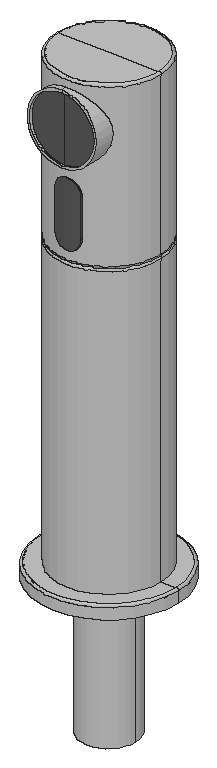
Revit family "Plumbing-Fix_Faucet-Touchless_Stern_Tubular-T", category Plumbing Fixtures, host Face, Revit 2026
Family settings
  Host = Face
  Round Connector Dimension = Use Diameter
  Part Type = Normal
  Classification Number = 23.45.55.14
  Enable Cutting in Views = No
  Cut with Voids When Loaded = No
  Maintain Annotation Orientation = No
  Shared = No
  Room Calculation Point = No
Parameters (values of type "Battery Pack 1.58 GPM")
  Waste Connection = no
  Warranty Duration (Years) = 2
  WFU = 0
  Vent Connection = no
  Unit Width = 0' - 2"
  Unit Height = 0' - 0"
  URL = "http://www.sternfaucets.com/"
  Type Comments = "as Specified"
  Standards Conformance = "as Specified"
  Spout Reach = 0' - 0"
  Spout Height = 0' - 2 1/4"
  Specification = ""
  SpecWizard = ""
  Sales Information = "http://www.sternfaucets.com/contact-us/contact-us-int-l.html"
  Revision = "R1_2018-04"
  Product Properties = ""
  Product Features = "as Specified"
  Product Data = "http://www.arcat.com/arcatcos/cos50/arc50092.html"
  Power Supply = "9V Battery"
  Piping_Inlet Diameter = 1/2"
  Piping_Flow = 0 GPM
  Operating Temperature Range = "Up to 149 F / 65 C"
  Operating Pressure Range = "7.26 - 116 PSI  ;  0.5 - 8 bar"
  Model = "Tubular TB"
  Manufacturer Website = "http://www.sternfaucets.com/"
  Manufacturer Phone - Toll Free = "800-436-4410"
  Manufacturer Phone = ""
  Manufacturer Fax = ""
  Manufacturer Address = "777 Passaic Ave.  Clifton, NJ 07012"
  Manufacturer = "Stern Engineering"
  Maintenance Schedule (Months) = 0
  Keynote = "22 40 00"
  Installation Phase = ""
  HWFU = 1
  HW Connection = yes
  Green Building-LEED = ""
  Fixture Finish [instance] = Finish - Stern - Chrome
  Expected Lifespan (Years) = 0
  Drawn By = "Sumex Design, Inc. / Robert S. Weygant, CSI, CDT, SCIP"
  Description = "Stern Touchless Wall Mounted Faucet - Tubular TB as Specified"
  Default Elevation = 0' - 0"
  Cost = 0
  Copyright = "©Arcat Inc."
  Construction Details = ""
  CWFU = 1
  CW Connection = yes
  Body Construction = ""
  Available Options = "as Specified"
  Assembly Code = "D2010300"
  Accent Color [instance] = Finish - Stern - Black
Types (10): name | Power Supply | Model | Description
  Battery Pack 1.58 GPM | "9V Battery" | "Tubular TB" | "Stern Touchless Wall Mounted Faucet - Tubular TB as Specified"
  Battery Pack 1 GPM | "9V Battery" | "Tubular TB" | "Stern Touchless Wall Mounted Faucet - Tubular TB as Specified"
  Battery Pack 0.8 GPM | "9V Battery" | "Tubular TB" | "Stern Touchless Wall Mounted Faucet - Tubular TB as Specified"
  Battery Pack 0.5 GPM | "9V Battery" | "Tubular TB" | "Stern Touchless Wall Mounted Faucet - Tubular TB as Specified"
  Battery Pack 0.35 GPM | "9V Battery" | "Tubular TB" | "Stern Touchless Wall Mounted Faucet - Tubular TB as Specified"
  Transformer 1.58 GPM | "9V Transformer" | "Tubular TE" | "Stern Touchless Wall Mounted Faucet - Tubular TE as Specified"
  Transformer 1 GPM | "9V Transformer" | "Tubular TE" | "Stern Touchless Wall Mounted Faucet - Tubular TE as Specified"
  Transformer 0.8 GPM | "9V Transformer" | "Tubular TE" | "Stern Touchless Wall Mounted Faucet - Tubular TE as Specified"
  Transformer 0.5 GPM | "9V Transformer" | "Tubular TE" | "Stern Touchless Wall Mounted Faucet - Tubular TE as Specified"
  Transformer 0.35 GPM | "9V Transformer" | "Tubular TE" | "Stern Touchless Wall Mounted Faucet - Tubular TE as Specified"
Reference planes (in)
  plane 1 "Center (Front/Back)": y = 0
  plane 2: z = 0
  plane 3 "Center (Left/Right)": x = 0
  plane 4: z = 6.125
Forms (in)
  Extrusion 1, solid, material "Finish - Stern - Black" <- "Accent Color"
    sketch origin (0, 0, -1.90625) x (1, 0, 0) y (0, 0, 1)
      loop
        line (-0.1875, 7.1875) -> (-0.1875, 6.625)
        arc (-0.1875, 6.625) -> (0, 6.4375) -> (0.1875, 6.625) r 0.1875
        line (0.1875, 6.625) -> (0.1875, 7.1875)
        arc (0.1875, 7.1875) -> (0, 7.375) -> (-0.1875, 7.1875) r 0.1875
    from 0 to 0.89907
  Extrusion 2, solid, material "Finish - Stern - Chrome" <- "Fixture Finish"
    sketch origin (0, 0, 0) x (1, 0, 0) y (0, 1, 0)
      loop
        circle (0, 0) r 0.39132
    from 0 to -2
  Revolve 3, solid, material "Finish - Stern - Chrome" <- "Fixture Finish"
    sketch origin (0, 0, 0) x (1, 0, 0) y (0, 0, 1)
      loop
        line (0, 0) -> (0, 6.75) -> (-0.71875, 6.75)
        arc (-0.71875, 6.75) -> (-0.74085, 6.74085) -> (-0.75, 6.71875) r 0.03125
        line (-0.75, 6.71875) -> (-0.75, 4.40625)
        arc (-0.75, 4.40625) -> (-0.74085, 4.38415) -> (-0.71875, 4.375) r 0.03125
        arc (-0.71875, 4.375) -> (-0.74085, 4.36585) -> (-0.75, 4.34375) r 0.03125
        line (-0.75, 4.34375) -> (-0.75, 0.1875) -> (-0.96875, 0.1875)
        arc (-0.96875, 0.1875) -> (-0.99085, 0.17835) -> (-1, 0.15625) r 0.03125
        line (-1, 0.15625) -> (-1, 0) -> (0, 0)
      axis (0, 6.75) -> (0, 0)
    angle from 0 to 360
  Revolve 4, solid, material "Finish - Stern - Chrome" <- "Fixture Finish"
    sketch origin (0, 0.14844, -2.875) x (0, 1, 0) y (0, 0, 1)
      loop
        line (-0.53976, 9) -> (-0.53976, 9.5) -> (-0.98763, 9.5) -> (-0.98763, 9.46875) -> (-0.95638, 9.46875) -> (-0.95638, 9) -> (-0.53976, 9)
      axis (-0.98763, 9) -> (-0.53976, 9)
    angle from 0 to 360
  Extrusion 5, void
    sketch origin (0, 0, 0) x (1, 0, 0) y (0, 1, 0)
      loop
        arc (0.22715, -0.72406) -> (-0.00447, -0.7578) -> (-0.23569, -0.72141) r 0.78125
        line (-0.23569, -0.72141) -> (-0.23569, -0.92096) -> (0.22715, -0.92096) -> (0.22715, -0.72406)
    from 4.375 to 5.61756
Cuts and joins
  Extrusion 5 cuts Extrusion 1
Dimensions and locks (in)
  aligned and locked: plane 2 to host face
  aligned and locked: level to host face
Connectors (in)
  piping at (0, 0, -2), diameter 0.5, driven by "Piping_Flow", driven by "Piping_Inlet Diameter"
    settings: on Extrusion 2, index 2, connector inside diameter 24", connector length 0' - 0", flow factor 0, pipe flow 0 GPM, pressure drop 0.00 psi, fitting loss kfactor 0, connector angle 0.00°, fixture units 0, engagement length 0' - 0", angle of deflection 0.00°, flow configuration 0, flow direction 1, fitting loss method 0, system type 22, joint type 0, gender type 0, connector reference index -1, connector utility 0, adjustable connector no, is connector primary yes, connector description "Tempered Inlet"
  electrical at (0, 0, 0)
    settings: on Revolve 3, index 3, voltage 0 V, apparent load 0 VA, apparent load phase1 0 VA, apparent load phase2 0 VA, apparent load phase3 0 VA, power factor 1, load classification "Other", number of poles 1, system type 13, power factor state 1, is connector primary yes, connector utility no, sub classification motor no, connector description ""
